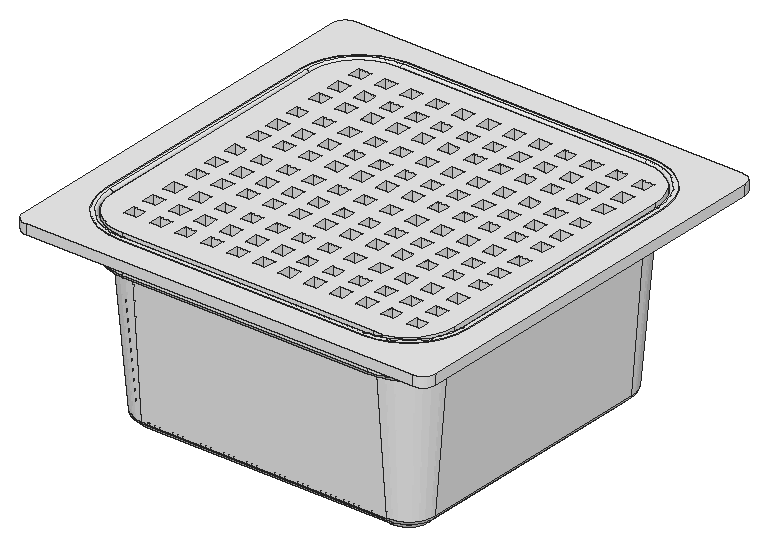
Revit family "Receptor_Sani-Flor_16_In_Square_7_In_Sump-Zurn-Z1920", category Plumbing Fixtures, Revit 2022 (continued)
Definition of nested family "Z1920-Grate"
  Dimensions and locks (in)
    plane 9 to plane 25 = 0.625"
    plane 21 to plane 6 = 0.625"
    plane 7 to plane 22 = 0.625"
    plane 26 to plane 8 = 0.625"
    equal spacing: plane 26, plane 3 "Center (Left/Right)", plane 25
    locked: plane 26 to plane 25 at 13.25
    "Sink Sump Depth": level to plane 15
    "Body Height (E)": level to plane 10
    locked: plane 32 "Plane for Outlets" to plane 10 at 2.064
    equal spacing: plane 59, plane 1 "Center (Front/Back)", plane 60
    "Outlet Inner Radius": plane 59 to plane 1 "Center (Front/Back)"
    equal spacing: plane 57, plane 3 "Center (Left/Right)", plane 58
    "Outlet Inner Radius": plane 3 "Center (Left/Right)" to plane 58
    plane 46 to plane 48 = 2.000"
    plane 21 to plane 1 "Center (Front/Back)" to plane 22 = 6.625" locked, 6.625" locked
    cut or joined group 1 (Extrusion 1, Extrusion 2, Extrusion 4, Extrusion 5, Extrusion 6, Extrusion 7, Extrusion 8, Extrusion 9, Extrusion 10, Extrusion 11, Extrusion 12, Extrusion 13, Extrusion 14, Extrusion 15, Extrusion 16, Extrusion 17, Extrusion 18, Extrusion 19, Extrusion 20, Extrusion 21, Extrusion 22, Extrusion 23, Extrusion 24, Extrusion 25, Extrusion 26, Extrusion 27, Extrusion 28, Extrusion 29, Extrusion 30, Extrusion 31, Extrusion 32, Extrusion 33, Extrusion 34, Extrusion 35, Extrusion 36, Extrusion 37, Extrusion 38, Extrusion 39, Extrusion 40, Extrusion 41, Extrusion 42, Extrusion 43, Extrusion 44, Extrusion 45, Extrusion 46, Extrusion 47, Extrusion 48, Extrusion 49, Extrusion 50) to cut or joined group 1 = 1.000"  (x2)
    Extrusion 2 sketch curve to plane 31 = 0.500"
    equal spacing: cut or joined group of Extrusion 1, Extrusion 2, Extrusion 4, Extrusion 5, Extrusion 6, Extrusion 7, Extrusion 8, Extrusion 9, Extrusion 10, Extrusion 11, Extrusion 12, Extrusion 13, Extrusion 14, Extrusion 15, Extrusion 16, Extrusion 17, Extrusion 18, Extrusion 19, Extrusion 20, Extrusion 21, Extrusion 22, Extrusion 23, Extrusion 24, Extrusion 25, Extrusion 26, Extrusion 27, Extrusion 28, Extrusion 29, Extrusion 30, Extrusion 31, Extrusion 32, Extrusion 33, Extrusion 34, Extrusion 35, Extrusion 36, Extrusion 37, Extrusion 38, Extrusion 39, Extrusion 40, Extrusion 41, Extrusion 42, Extrusion 43, Extrusion 44, Extrusion 45, Extrusion 46, Extrusion 47, Extrusion 48, Extrusion 49, Extrusion 50, Extrusion 2 sketch curve, Extrusion 2 sketch curve, Extrusion 2 sketch curve, Extrusion 2 sketch curve, Extrusion 2 sketch curve, Extrusion 2 sketch curve
    Extrusion 4 sketch curve to plane 65 = 0.500"
    equal spacing: Extrusion 4 sketch curve, Extrusion 4 sketch curve, Extrusion 4 sketch curve, Extrusion 4 sketch curve, Extrusion 4 sketch curve, Extrusion 4 sketch curve
    Extrusion 5 sketch curve to plane 70 = 0.500"
    equal spacing: Extrusion 5 sketch curve, Extrusion 5 sketch curve, Extrusion 5 sketch curve, Extrusion 5 sketch curve, Extrusion 5 sketch curve, Extrusion 5 sketch curve
    Extrusion 6 sketch curve to plane 75 = 0.500"
    equal spacing: Extrusion 6 sketch curve, Extrusion 6 sketch curve, Extrusion 6 sketch curve, Extrusion 6 sketch curve, Extrusion 6 sketch curve, Extrusion 6 sketch curve
    Extrusion 7 sketch curve to plane 80 = 0.500"
    equal spacing: Extrusion 7 sketch curve, Extrusion 7 sketch curve, Extrusion 7 sketch curve, Extrusion 7 sketch curve, Extrusion 7 sketch curve, Extrusion 7 sketch curve
    Extrusion 8 sketch curve to plane 85 = 0.500"
    equal spacing: Extrusion 8 sketch curve, Extrusion 8 sketch curve, Extrusion 8 sketch curve, Extrusion 8 sketch curve, Extrusion 8 sketch curve, Extrusion 8 sketch curve
    Extrusion 9 sketch curve to plane 90 = 0.500"
    equal spacing: Extrusion 9 sketch curve, Extrusion 9 sketch curve, Extrusion 9 sketch curve, Extrusion 9 sketch curve, Extrusion 9 sketch curve, Extrusion 9 sketch curve
    Extrusion 10 sketch curve to plane 95 = 0.500"
    equal spacing: Extrusion 10 sketch curve, Extrusion 10 sketch curve, Extrusion 10 sketch curve, Extrusion 10 sketch curve, Extrusion 10 sketch curve, Extrusion 10 sketch curve
    Extrusion 11 sketch curve to plane 100 = 0.500"
    equal spacing: Extrusion 11 sketch curve, Extrusion 11 sketch curve, Extrusion 11 sketch curve, Extrusion 11 sketch curve, Extrusion 11 sketch curve, Extrusion 11 sketch curve
    Extrusion 12 sketch curve to plane 105 = 0.500"
    equal spacing: Extrusion 12 sketch curve, Extrusion 12 sketch curve, Extrusion 12 sketch curve, Extrusion 12 sketch curve, Extrusion 12 sketch curve, Extrusion 12 sketch curve
    Extrusion 13 sketch curve to plane 110 = 0.500"
    equal spacing: Extrusion 13 sketch curve, Extrusion 13 sketch curve, Extrusion 13 sketch curve, Extrusion 13 sketch curve, Extrusion 13 sketch curve, Extrusion 13 sketch curve
    Extrusion 14 sketch curve to plane 115 = 0.500"
    equal spacing: Extrusion 14 sketch curve, Extrusion 14 sketch curve, Extrusion 14 sketch curve, Extrusion 14 sketch curve, Extrusion 14 sketch curve, Extrusion 14 sketch curve
    Extrusion 15 sketch curve to plane 120 = 0.500"
    equal spacing: Extrusion 15 sketch curve, Extrusion 15 sketch curve, Extrusion 15 sketch curve, Extrusion 15 sketch curve, Extrusion 15 sketch curve, Extrusion 15 sketch curve
    Extrusion 16 sketch curve to plane 125 = 0.500"
    equal spacing: Extrusion 16 sketch curve, Extrusion 16 sketch curve, Extrusion 16 sketch curve, Extrusion 16 sketch curve, Extrusion 16 sketch curve, Extrusion 16 sketch curve
    Extrusion 17 sketch curve to plane 130 = 0.500"
    equal spacing: Extrusion 17 sketch curve, Extrusion 17 sketch curve, Extrusion 17 sketch curve, Extrusion 17 sketch curve, Extrusion 17 sketch curve, Extrusion 17 sketch curve
    Extrusion 18 sketch curve to plane 135 = 0.500"
    equal spacing: Extrusion 18 sketch curve, Extrusion 18 sketch curve, Extrusion 18 sketch curve, Extrusion 18 sketch curve, Extrusion 18 sketch curve, Extrusion 18 sketch curve
    Extrusion 19 sketch curve to plane 140 = 0.500"
    equal spacing: Extrusion 19 sketch curve, Extrusion 19 sketch curve, Extrusion 19 sketch curve, Extrusion 19 sketch curve, Extrusion 19 sketch curve, Extrusion 19 sketch curve
    Extrusion 20 sketch curve to plane 145 = 0.500"
    equal spacing: Extrusion 20 sketch curve, Extrusion 20 sketch curve, Extrusion 20 sketch curve, Extrusion 20 sketch curve, Extrusion 20 sketch curve, Extrusion 20 sketch curve
    Extrusion 21 sketch curve to plane 150 = 0.500"
    equal spacing: Extrusion 21 sketch curve, Extrusion 21 sketch curve, Extrusion 21 sketch curve, Extrusion 21 sketch curve, Extrusion 21 sketch curve, Extrusion 21 sketch curve
    Extrusion 22 sketch curve to plane 155 = 0.500"
    equal spacing: Extrusion 22 sketch curve, Extrusion 22 sketch curve, Extrusion 22 sketch curve, Extrusion 22 sketch curve, Extrusion 22 sketch curve, Extrusion 22 sketch curve
    Extrusion 23 sketch curve to plane 160 = 0.500"
    equal spacing: Extrusion 23 sketch curve, Extrusion 23 sketch curve, Extrusion 23 sketch curve, Extrusion 23 sketch curve, Extrusion 23 sketch curve, Extrusion 23 sketch curve
    Extrusion 24 sketch curve to plane 165 = 0.500"
    equal spacing: Extrusion 24 sketch curve, Extrusion 24 sketch curve, Extrusion 24 sketch curve, Extrusion 24 sketch curve, Extrusion 24 sketch curve, Extrusion 24 sketch curve
    Extrusion 25 sketch curve to plane 170 = 0.500"
    equal spacing: Extrusion 25 sketch curve, Extrusion 25 sketch curve, Extrusion 25 sketch curve, Extrusion 25 sketch curve, Extrusion 25 sketch curve, Extrusion 25 sketch curve
    Extrusion 26 sketch curve to plane 175 = 0.500"
    equal spacing: Extrusion 26 sketch curve, Extrusion 26 sketch curve, Extrusion 26 sketch curve, Extrusion 26 sketch curve, Extrusion 26 sketch curve, Extrusion 26 sketch curve
    Extrusion 27 sketch curve to plane 180 = 0.500"
    equal spacing: Extrusion 27 sketch curve, Extrusion 27 sketch curve, Extrusion 27 sketch curve, Extrusion 27 sketch curve, Extrusion 27 sketch curve, Extrusion 27 sketch curve
    Extrusion 28 sketch curve to plane 185 = 0.500"
    equal spacing: Extrusion 28 sketch curve, Extrusion 28 sketch curve, Extrusion 28 sketch curve, Extrusion 28 sketch curve, Extrusion 28 sketch curve, Extrusion 28 sketch curve
    Extrusion 29 sketch curve to plane 190 = 0.500"
    equal spacing: Extrusion 29 sketch curve, Extrusion 29 sketch curve, Extrusion 29 sketch curve, Extrusion 29 sketch curve, Extrusion 29 sketch curve, Extrusion 29 sketch curve
    Extrusion 30 sketch curve to plane 195 = 0.500"
    equal spacing: Extrusion 30 sketch curve, Extrusion 30 sketch curve, Extrusion 30 sketch curve, Extrusion 30 sketch curve, Extrusion 30 sketch curve, Extrusion 30 sketch curve
    Extrusion 31 sketch curve to plane 200 = 0.500"
    equal spacing: Extrusion 31 sketch curve, Extrusion 31 sketch curve, Extrusion 31 sketch curve, Extrusion 31 sketch curve, Extrusion 31 sketch curve, Extrusion 31 sketch curve
    Extrusion 32 sketch curve to plane 205 = 0.500"
    equal spacing: Extrusion 32 sketch curve, Extrusion 32 sketch curve, Extrusion 32 sketch curve, Extrusion 32 sketch curve, Extrusion 32 sketch curve, Extrusion 32 sketch curve
    Extrusion 33 sketch curve to plane 210 = 0.500"
    equal spacing: Extrusion 33 sketch curve, Extrusion 33 sketch curve, Extrusion 33 sketch curve, Extrusion 33 sketch curve, Extrusion 33 sketch curve, Extrusion 33 sketch curve
    Extrusion 34 sketch curve to plane 215 = 0.500"
    equal spacing: Extrusion 34 sketch curve, Extrusion 34 sketch curve, Extrusion 34 sketch curve, Extrusion 34 sketch curve, Extrusion 34 sketch curve, Extrusion 34 sketch curve
    Extrusion 35 sketch curve to plane 220 = 0.500"
    equal spacing: Extrusion 35 sketch curve, Extrusion 35 sketch curve, Extrusion 35 sketch curve, Extrusion 35 sketch curve, Extrusion 35 sketch curve, Extrusion 35 sketch curve
    Extrusion 36 sketch curve to plane 225 = 0.500"
    equal spacing: Extrusion 36 sketch curve, Extrusion 36 sketch curve, Extrusion 36 sketch curve, Extrusion 36 sketch curve, Extrusion 36 sketch curve, Extrusion 36 sketch curve
    Extrusion 37 sketch curve to plane 230 = 0.500"
    equal spacing: Extrusion 37 sketch curve, Extrusion 37 sketch curve, Extrusion 37 sketch curve, Extrusion 37 sketch curve, Extrusion 37 sketch curve, Extrusion 37 sketch curve
    Extrusion 38 sketch curve to plane 235 = 0.500"
    equal spacing: Extrusion 38 sketch curve, Extrusion 38 sketch curve, Extrusion 38 sketch curve, Extrusion 38 sketch curve, Extrusion 38 sketch curve, Extrusion 38 sketch curve
    Extrusion 39 sketch curve to plane 240 = 0.500"
    equal spacing: Extrusion 39 sketch curve, Extrusion 39 sketch curve, Extrusion 39 sketch curve, Extrusion 39 sketch curve, Extrusion 39 sketch curve, Extrusion 39 sketch curve
    Extrusion 40 sketch curve to plane 245 = 0.500"
    equal spacing: Extrusion 40 sketch curve, Extrusion 40 sketch curve, Extrusion 40 sketch curve, Extrusion 40 sketch curve, Extrusion 40 sketch curve, Extrusion 40 sketch curve
    Extrusion 41 sketch curve to plane 250 = 0.500"
    equal spacing: Extrusion 41 sketch curve, Extrusion 41 sketch curve, Extrusion 41 sketch curve, Extrusion 41 sketch curve, Extrusion 41 sketch curve, Extrusion 41 sketch curve
    Extrusion 42 sketch curve to plane 255 = 0.500"
    equal spacing: Extrusion 42 sketch curve, Extrusion 42 sketch curve, Extrusion 42 sketch curve, Extrusion 42 sketch curve, Extrusion 42 sketch curve, Extrusion 42 sketch curve
    Extrusion 43 sketch curve to plane 260 = 0.500"
    equal spacing: Extrusion 43 sketch curve, Extrusion 43 sketch curve, Extrusion 43 sketch curve, Extrusion 43 sketch curve, Extrusion 43 sketch curve, Extrusion 43 sketch curve
    Extrusion 44 sketch curve to plane 265 = 0.500"
    equal spacing: Extrusion 44 sketch curve, Extrusion 44 sketch curve, Extrusion 44 sketch curve, Extrusion 44 sketch curve, Extrusion 44 sketch curve, Extrusion 44 sketch curve
    Extrusion 45 sketch curve to plane 270 = 0.500"
    equal spacing: Extrusion 45 sketch curve, Extrusion 45 sketch curve, Extrusion 45 sketch curve, Extrusion 45 sketch curve, Extrusion 45 sketch curve, Extrusion 45 sketch curve
    Extrusion 46 sketch curve to plane 275 = 0.500"
    equal spacing: Extrusion 46 sketch curve, Extrusion 46 sketch curve, Extrusion 46 sketch curve, Extrusion 46 sketch curve, Extrusion 46 sketch curve, Extrusion 46 sketch curve
    Extrusion 47 sketch curve to plane 280 = 0.500"
    equal spacing: Extrusion 47 sketch curve, Extrusion 47 sketch curve, Extrusion 47 sketch curve, Extrusion 47 sketch curve, Extrusion 47 sketch curve, Extrusion 47 sketch curve
    Extrusion 48 sketch curve to plane 285 = 0.500"
    equal spacing: Extrusion 48 sketch curve, Extrusion 48 sketch curve, Extrusion 48 sketch curve, Extrusion 48 sketch curve, Extrusion 48 sketch curve, Extrusion 48 sketch curve
    Extrusion 49 sketch curve to plane 290 = 0.500"
    equal spacing: Extrusion 49 sketch curve, Extrusion 49 sketch curve, Extrusion 49 sketch curve, Extrusion 49 sketch curve, Extrusion 49 sketch curve, Extrusion 49 sketch curve
    Extrusion 50 sketch curve to plane 295 = 0.500"
    equal spacing: Extrusion 50 sketch curve, Extrusion 50 sketch curve, Extrusion 50 sketch curve, Extrusion 50 sketch curve, Extrusion 50 sketch curve, Extrusion 50 sketch curve
    aligned and locked: plane 2 to level
    aligned and locked: level to curve 2
    aligned and locked: level to curve 1
    aligned and locked: plane 1 "Center (Front/Back)" to curve 5
    aligned and locked: level to curve 5
    aligned and locked: level to curve 4
    aligned and locked: Extrusion 1 sketch curve to plane 22
    aligned and locked: level to Extrusion 1
    aligned and locked: plane 31 to Extrusion 2 sketch curve  (x3)
    aligned and locked: plane 33 to Extrusion 3 sketch curve
    aligned and locked: plane 34 to Extrusion 3 sketch curve
    aligned and locked: plane 35 to Extrusion 3 sketch curve
    aligned and locked: plane 36 to Extrusion 3 sketch curve
    aligned and locked: plane 37 to Extrusion 3 sketch curve  (x3)
    aligned and locked: plane 10 to curve 6
    aligned and locked: Extrusion 1 sketch curve to plane 25
    aligned and locked: Extrusion 1 sketch curve to plane 26
    aligned and locked: plane 21 to Extrusion 1 sketch curve
    aligned and locked: Extrusion 2 sketch curve to Extrusion 2 sketch curve  (x2)
    aligned and locked: plane 65 to Extrusion 4 sketch curve  (x3)
    aligned and locked: Extrusion 4 sketch curve to Extrusion 4 sketch curve  (x2)
    aligned and locked: plane 70 to Extrusion 5 sketch curve  (x3)
    aligned and locked: Extrusion 5 sketch curve to Extrusion 5 sketch curve  (x2)
    aligned and locked: plane 75 to Extrusion 6 sketch curve  (x3)
    aligned and locked: Extrusion 6 sketch curve to Extrusion 6 sketch curve  (x2)
    aligned and locked: plane 80 to Extrusion 7 sketch curve  (x3)
    aligned and locked: Extrusion 7 sketch curve to Extrusion 7 sketch curve  (x2)
    aligned and locked: plane 85 to Extrusion 8 sketch curve  (x3)
    aligned and locked: Extrusion 8 sketch curve to Extrusion 8 sketch curve  (x2)
    aligned and locked: plane 90 to Extrusion 9 sketch curve  (x3)
    aligned and locked: Extrusion 9 sketch curve to Extrusion 9 sketch curve  (x2)
    aligned and locked: plane 95 to Extrusion 10 sketch curve  (x3)
    aligned and locked: Extrusion 10 sketch curve to Extrusion 10 sketch curve  (x2)
    aligned and locked: plane 100 to Extrusion 11 sketch curve  (x3)
    aligned and locked: Extrusion 11 sketch curve to Extrusion 11 sketch curve  (x2)
    aligned and locked: plane 105 to Extrusion 12 sketch curve  (x3)
    aligned and locked: Extrusion 12 sketch curve to Extrusion 12 sketch curve  (x2)
    aligned and locked: plane 110 to Extrusion 13 sketch curve  (x3)
    aligned and locked: Extrusion 13 sketch curve to Extrusion 13 sketch curve  (x2)
    aligned and locked: plane 115 to Extrusion 14 sketch curve  (x3)
    aligned and locked: Extrusion 14 sketch curve to Extrusion 14 sketch curve  (x2)
    aligned and locked: plane 120 to Extrusion 15 sketch curve  (x3)
    aligned and locked: Extrusion 15 sketch curve to Extrusion 15 sketch curve  (x2)
    aligned and locked: plane 125 to Extrusion 16 sketch curve  (x3)
    aligned and locked: Extrusion 16 sketch curve to Extrusion 16 sketch curve  (x2)
    aligned and locked: plane 130 to Extrusion 17 sketch curve  (x3)
    aligned and locked: Extrusion 17 sketch curve to Extrusion 17 sketch curve  (x2)
    aligned and locked: plane 135 to Extrusion 18 sketch curve  (x3)
    aligned and locked: Extrusion 18 sketch curve to Extrusion 18 sketch curve  (x2)
    aligned and locked: plane 140 to Extrusion 19 sketch curve  (x3)
    aligned and locked: Extrusion 19 sketch curve to Extrusion 19 sketch curve  (x2)
    aligned and locked: plane 145 to Extrusion 20 sketch curve  (x3)
    aligned and locked: Extrusion 20 sketch curve to Extrusion 20 sketch curve  (x2)
    aligned and locked: plane 150 to Extrusion 21 sketch curve  (x3)
    aligned and locked: Extrusion 21 sketch curve to Extrusion 21 sketch curve  (x2)
    aligned and locked: plane 155 to Extrusion 22 sketch curve  (x3)
    aligned and locked: Extrusion 22 sketch curve to Extrusion 22 sketch curve  (x2)
    aligned and locked: plane 160 to Extrusion 23 sketch curve  (x3)
    aligned and locked: Extrusion 23 sketch curve to Extrusion 23 sketch curve  (x2)
    aligned and locked: plane 165 to Extrusion 24 sketch curve  (x3)
    aligned and locked: Extrusion 24 sketch curve to Extrusion 24 sketch curve  (x2)
    aligned and locked: plane 170 to Extrusion 25 sketch curve  (x3)
    aligned and locked: Extrusion 25 sketch curve to Extrusion 25 sketch curve  (x2)
    aligned and locked: plane 175 to Extrusion 26 sketch curve  (x3)
    aligned and locked: Extrusion 26 sketch curve to Extrusion 26 sketch curve  (x2)
    aligned and locked: plane 180 to Extrusion 27 sketch curve  (x3)
    aligned and locked: Extrusion 27 sketch curve to Extrusion 27 sketch curve  (x2)
    aligned and locked: plane 185 to Extrusion 28 sketch curve  (x3)
    aligned and locked: Extrusion 28 sketch curve to Extrusion 28 sketch curve  (x2)
    aligned and locked: plane 190 to Extrusion 29 sketch curve  (x3)
    aligned and locked: Extrusion 29 sketch curve to Extrusion 29 sketch curve  (x2)
    aligned and locked: plane 195 to Extrusion 30 sketch curve  (x3)
    aligned and locked: Extrusion 30 sketch curve to Extrusion 30 sketch curve  (x2)
    aligned and locked: plane 200 to Extrusion 31 sketch curve  (x3)
    aligned and locked: Extrusion 31 sketch curve to Extrusion 31 sketch curve  (x2)
    aligned and locked: plane 205 to Extrusion 32 sketch curve  (x3)
    aligned and locked: Extrusion 32 sketch curve to Extrusion 32 sketch curve  (x2)
    aligned and locked: plane 210 to Extrusion 33 sketch curve  (x3)
    aligned and locked: Extrusion 33 sketch curve to Extrusion 33 sketch curve  (x2)
    aligned and locked: plane 215 to Extrusion 34 sketch curve  (x3)
    aligned and locked: Extrusion 34 sketch curve to Extrusion 34 sketch curve  (x2)
    aligned and locked: plane 220 to Extrusion 35 sketch curve  (x3)
    aligned and locked: Extrusion 35 sketch curve to Extrusion 35 sketch curve  (x2)
    aligned and locked: plane 225 to Extrusion 36 sketch curve  (x3)
    aligned and locked: Extrusion 36 sketch curve to Extrusion 36 sketch curve  (x2)
    aligned and locked: plane 230 to Extrusion 37 sketch curve  (x3)
    aligned and locked: Extrusion 37 sketch curve to Extrusion 37 sketch curve  (x2)
    aligned and locked: plane 235 to Extrusion 38 sketch curve  (x3)
    aligned and locked: Extrusion 38 sketch curve to Extrusion 38 sketch curve  (x2)
    aligned and locked: plane 240 to Extrusion 39 sketch curve  (x3)
    aligned and locked: Extrusion 39 sketch curve to Extrusion 39 sketch curve  (x2)
    aligned and locked: plane 245 to Extrusion 40 sketch curve  (x3)
    aligned and locked: Extrusion 40 sketch curve to Extrusion 40 sketch curve  (x2)
    aligned and locked: plane 250 to Extrusion 41 sketch curve  (x3)
    aligned and locked: Extrusion 41 sketch curve to Extrusion 41 sketch curve  (x2)
    aligned and locked: plane 255 to Extrusion 42 sketch curve  (x3)
    aligned and locked: Extrusion 42 sketch curve to Extrusion 42 sketch curve  (x2)
    aligned and locked: plane 260 to Extrusion 43 sketch curve  (x3)
    aligned and locked: Extrusion 43 sketch curve to Extrusion 43 sketch curve  (x2)
    aligned and locked: plane 265 to Extrusion 44 sketch curve  (x3)
    aligned and locked: Extrusion 44 sketch curve to Extrusion 44 sketch curve  (x2)
    aligned and locked: plane 270 to Extrusion 45 sketch curve  (x3)
    aligned and locked: Extrusion 45 sketch curve to Extrusion 45 sketch curve  (x2)
    aligned and locked: plane 275 to Extrusion 46 sketch curve  (x3)
    aligned and locked: Extrusion 46 sketch curve to Extrusion 46 sketch curve  (x2)
    aligned and locked: plane 280 to Extrusion 47 sketch curve  (x3)
    aligned and locked: Extrusion 47 sketch curve to Extrusion 47 sketch curve  (x2)
    aligned and locked: plane 285 to Extrusion 48 sketch curve  (x3)
    aligned and locked: Extrusion 48 sketch curve to Extrusion 48 sketch curve  (x2)
    aligned and locked: plane 290 to Extrusion 49 sketch curve  (x3)
    aligned and locked: Extrusion 49 sketch curve to Extrusion 49 sketch curve  (x2)
    aligned and locked: plane 295 to Extrusion 50 sketch curve  (x3)
    aligned and locked: Extrusion 50 sketch curve to Extrusion 50 sketch curve  (x2)
  Automatic sketch dimensions
    Extrusion 3 sketch curve to Extrusion 3 sketch curve = 0.500"  (x2)
    plane 37 to Extrusion 3 sketch curve = 0.500"  (x2)
    Extrusion 3 sketch curve to Extrusion 3 sketch curve = 0.000"
    curve 1 to plane 8 = 0.000"
    curve 3 to plane 10 = 0.000"
    curve 3 to plane 58 = 0.000"
    curve 3 to plane 57 = 0.000"
    curve 1 to plane 9 = 0.000"
    curve 2 to plane 3 "Center (Left/Right)" = 0.000"
    curve 4 to plane 7 = 0.000"
    curve 6 to plane 60 = 0.000"
    curve 6 to plane 59 = 0.000"
    curve 4 to plane 6 = 0.000"
    Extrusion 1 sketch curve to Extrusion 1 sketch curve = 1.750"
    Extrusion 1 sketch curve to plane 44 = 1.90625"
    plane 47 to Extrusion 1 sketch curve = 1.82866"
    Extrusion 1 sketch curve to plane 3 "Center (Left/Right)" = 4.875"
    Extrusion 2 sketch curve to Extrusion 2 sketch curve = 0.500"  (x2)
    Extrusion 2 sketch curve to Extrusion 2 sketch curve = 0.42134"
    Extrusion 2 sketch curve to plane 30 = 0.000"
    plane 29 to Extrusion 2 sketch curve = 0.000"
    Extrusion 2 sketch curve to plane 28 = 0.000"
    Extrusion 4 sketch curve to Extrusion 4 sketch curve = 0.500"  (x2)
    Extrusion 4 sketch curve to Extrusion 4 sketch curve = 0.42134"
    Extrusion 4 sketch curve to plane 64 = 0.000"
    plane 63 to Extrusion 4 sketch curve = 0.000"
    Extrusion 4 sketch curve to plane 62 = 0.000"
    Extrusion 5 sketch curve to Extrusion 5 sketch curve = 0.500"  (x2)
    Extrusion 5 sketch curve to Extrusion 5 sketch curve = 0.42134"
    Extrusion 5 sketch curve to plane 69 = 0.000"
    plane 68 to Extrusion 5 sketch curve = 0.000"
    Extrusion 5 sketch curve to plane 67 = 0.000"
    Extrusion 6 sketch curve to Extrusion 6 sketch curve = 0.500"  (x2)
    Extrusion 6 sketch curve to Extrusion 6 sketch curve = 0.42134"
    Extrusion 6 sketch curve to plane 74 = 0.000"
    plane 73 to Extrusion 6 sketch curve = 0.000"
    Extrusion 6 sketch curve to plane 72 = 0.000"
    plane 31 to Extrusion 2 sketch curve = 0.500"
    plane 65 to Extrusion 4 sketch curve = 0.500"
    plane 70 to Extrusion 5 sketch curve = 0.500"
    plane 75 to Extrusion 6 sketch curve = 0.500"
    Extrusion 7 sketch curve to Extrusion 7 sketch curve = 0.500"  (x2)
    Extrusion 7 sketch curve to Extrusion 7 sketch curve = 0.42134"
    Extrusion 7 sketch curve to plane 79 = 0.000"
    plane 78 to Extrusion 7 sketch curve = 0.000"
    Extrusion 7 sketch curve to plane 77 = 0.000"
    Extrusion 8 sketch curve to Extrusion 8 sketch curve = 0.500"  (x2)
    Extrusion 8 sketch curve to Extrusion 8 sketch curve = 0.42134"
    Extrusion 8 sketch curve to plane 84 = 0.000"
    plane 83 to Extrusion 8 sketch curve = 0.000"
    Extrusion 8 sketch curve to plane 82 = 0.000"
    Extrusion 9 sketch curve to Extrusion 9 sketch curve = 0.500"  (x2)
    Extrusion 9 sketch curve to Extrusion 9 sketch curve = 0.42134"
    Extrusion 9 sketch curve to plane 89 = 0.000"
    plane 88 to Extrusion 9 sketch curve = 0.000"
    Extrusion 9 sketch curve to plane 87 = 0.000"
    Extrusion 10 sketch curve to Extrusion 10 sketch curve = 0.500"  (x2)
    Extrusion 10 sketch curve to Extrusion 10 sketch curve = 0.42134"
    Extrusion 10 sketch curve to plane 94 = 0.000"
    plane 93 to Extrusion 10 sketch curve = 0.000"
    Extrusion 10 sketch curve to plane 92 = 0.000"
    plane 80 to Extrusion 7 sketch curve = 0.500"
    plane 85 to Extrusion 8 sketch curve = 0.500"
    plane 90 to Extrusion 9 sketch curve = 0.500"
    plane 95 to Extrusion 10 sketch curve = 0.500"
    Extrusion 11 sketch curve to Extrusion 11 sketch curve = 0.500"  (x2)
    Extrusion 11 sketch curve to Extrusion 11 sketch curve = 0.42134"
    Extrusion 11 sketch curve to plane 99 = 0.000"
    plane 98 to Extrusion 11 sketch curve = 0.000"
    Extrusion 11 sketch curve to plane 97 = 0.000"
    Extrusion 12 sketch curve to Extrusion 12 sketch curve = 0.500"  (x2)
    Extrusion 12 sketch curve to Extrusion 12 sketch curve = 0.42134"
    Extrusion 12 sketch curve to plane 104 = 0.000"
    plane 103 to Extrusion 12 sketch curve = 0.000"
    Extrusion 12 sketch curve to plane 102 = 0.000"
    Extrusion 13 sketch curve to Extrusion 13 sketch curve = 0.500"  (x2)
    Extrusion 13 sketch curve to Extrusion 13 sketch curve = 0.42134"
    Extrusion 13 sketch curve to plane 109 = 0.000"
    plane 108 to Extrusion 13 sketch curve = 0.000"
    Extrusion 13 sketch curve to plane 107 = 0.000"
    Extrusion 14 sketch curve to Extrusion 14 sketch curve = 0.500"  (x2)
    Extrusion 14 sketch curve to Extrusion 14 sketch curve = 0.42134"
    Extrusion 14 sketch curve to plane 114 = 0.000"
    plane 113 to Extrusion 14 sketch curve = 0.000"
    Extrusion 14 sketch curve to plane 112 = 0.000"
    plane 100 to Extrusion 11 sketch curve = 0.500"
    plane 105 to Extrusion 12 sketch curve = 0.500"
    plane 110 to Extrusion 13 sketch curve = 0.500"
    plane 115 to Extrusion 14 sketch curve = 0.500"
    Extrusion 15 sketch curve to Extrusion 15 sketch curve = 0.500"  (x2)
    Extrusion 15 sketch curve to Extrusion 15 sketch curve = 0.42134"
    Extrusion 15 sketch curve to plane 119 = 0.000"
    plane 118 to Extrusion 15 sketch curve = 0.000"
    Extrusion 15 sketch curve to plane 117 = 0.000"
    Extrusion 16 sketch curve to Extrusion 16 sketch curve = 0.500"  (x2)
    Extrusion 16 sketch curve to Extrusion 16 sketch curve = 0.42134"
    Extrusion 16 sketch curve to plane 124 = 0.000"
    plane 123 to Extrusion 16 sketch curve = 0.000"
    Extrusion 16 sketch curve to plane 122 = 0.000"
    Extrusion 17 sketch curve to Extrusion 17 sketch curve = 0.500"  (x2)
    Extrusion 17 sketch curve to Extrusion 17 sketch curve = 0.42134"
    Extrusion 17 sketch curve to plane 129 = 0.000"
    plane 128 to Extrusion 17 sketch curve = 0.000"
    Extrusion 17 sketch curve to plane 127 = 0.000"
    Extrusion 18 sketch curve to Extrusion 18 sketch curve = 0.500"  (x2)
    Extrusion 18 sketch curve to Extrusion 18 sketch curve = 0.42134"
    Extrusion 18 sketch curve to plane 134 = 0.000"
    plane 133 to Extrusion 18 sketch curve = 0.000"
    Extrusion 18 sketch curve to plane 132 = 0.000"
    plane 120 to Extrusion 15 sketch curve = 0.500"
    plane 125 to Extrusion 16 sketch curve = 0.500"
    plane 130 to Extrusion 17 sketch curve = 0.500"
    plane 135 to Extrusion 18 sketch curve = 0.500"
    Extrusion 19 sketch curve to Extrusion 19 sketch curve = 0.500"  (x2)
    Extrusion 19 sketch curve to Extrusion 19 sketch curve = 0.42134"
    Extrusion 19 sketch curve to plane 139 = 0.000"
    plane 138 to Extrusion 19 sketch curve = 0.000"
    Extrusion 19 sketch curve to plane 137 = 0.000"
    Extrusion 20 sketch curve to Extrusion 20 sketch curve = 0.500"  (x2)
    Extrusion 20 sketch curve to Extrusion 20 sketch curve = 0.42134"
    Extrusion 20 sketch curve to plane 144 = 0.000"
    plane 143 to Extrusion 20 sketch curve = 0.000"
    Extrusion 20 sketch curve to plane 142 = 0.000"
    Extrusion 21 sketch curve to Extrusion 21 sketch curve = 0.500"  (x2)
    Extrusion 21 sketch curve to Extrusion 21 sketch curve = 0.42134"
    Extrusion 21 sketch curve to plane 149 = 0.000"
    plane 148 to Extrusion 21 sketch curve = 0.000"
    Extrusion 21 sketch curve to plane 147 = 0.000"
    Extrusion 22 sketch curve to Extrusion 22 sketch curve = 0.500"  (x2)
    Extrusion 22 sketch curve to Extrusion 22 sketch curve = 0.42134"
    Extrusion 22 sketch curve to plane 154 = 0.000"
    plane 153 to Extrusion 22 sketch curve = 0.000"
    Extrusion 22 sketch curve to plane 152 = 0.000"
    plane 140 to Extrusion 19 sketch curve = 0.500"
    plane 145 to Extrusion 20 sketch curve = 0.500"
    plane 150 to Extrusion 21 sketch curve = 0.500"
    plane 155 to Extrusion 22 sketch curve = 0.500"
    Extrusion 23 sketch curve to Extrusion 23 sketch curve = 0.500"  (x2)
    Extrusion 23 sketch curve to Extrusion 23 sketch curve = 0.42134"
    Extrusion 23 sketch curve to plane 159 = 0.000"
    plane 158 to Extrusion 23 sketch curve = 0.000"
    Extrusion 23 sketch curve to plane 157 = 0.000"
    Extrusion 24 sketch curve to Extrusion 24 sketch curve = 0.500"  (x2)
    Extrusion 24 sketch curve to Extrusion 24 sketch curve = 0.42134"
    Extrusion 24 sketch curve to plane 164 = 0.000"
    plane 163 to Extrusion 24 sketch curve = 0.000"
    Extrusion 24 sketch curve to plane 162 = 0.000"
    Extrusion 25 sketch curve to Extrusion 25 sketch curve = 0.500"  (x2)
    Extrusion 25 sketch curve to Extrusion 25 sketch curve = 0.42134"
    Extrusion 25 sketch curve to plane 169 = 0.000"
    plane 168 to Extrusion 25 sketch curve = 0.000"
    Extrusion 25 sketch curve to plane 167 = 0.000"
    Extrusion 26 sketch curve to Extrusion 26 sketch curve = 0.500"  (x2)
    Extrusion 26 sketch curve to Extrusion 26 sketch curve = 0.42134"
    Extrusion 26 sketch curve to plane 174 = 0.000"
    plane 173 to Extrusion 26 sketch curve = 0.000"
    Extrusion 26 sketch curve to plane 172 = 0.000"
    plane 160 to Extrusion 23 sketch curve = 0.500"
    plane 165 to Extrusion 24 sketch curve = 0.500"
    plane 170 to Extrusion 25 sketch curve = 0.500"
    plane 175 to Extrusion 26 sketch curve = 0.500"
    Extrusion 27 sketch curve to Extrusion 27 sketch curve = 0.500"  (x2)
    Extrusion 27 sketch curve to Extrusion 27 sketch curve = 0.42134"
    Extrusion 27 sketch curve to plane 179 = 0.000"
    plane 178 to Extrusion 27 sketch curve = 0.000"
    Extrusion 27 sketch curve to plane 177 = 0.000"
    Extrusion 28 sketch curve to Extrusion 28 sketch curve = 0.500"  (x2)
    Extrusion 28 sketch curve to Extrusion 28 sketch curve = 0.42134"
    Extrusion 28 sketch curve to plane 184 = 0.000"
    plane 183 to Extrusion 28 sketch curve = 0.000"
    Extrusion 28 sketch curve to plane 182 = 0.000"
    Extrusion 29 sketch curve to Extrusion 29 sketch curve = 0.500"  (x2)
    Extrusion 29 sketch curve to Extrusion 29 sketch curve = 0.42134"
    Extrusion 29 sketch curve to plane 189 = 0.000"
    plane 188 to Extrusion 29 sketch curve = 0.000"
    Extrusion 29 sketch curve to plane 187 = 0.000"
    Extrusion 30 sketch curve to Extrusion 30 sketch curve = 0.500"  (x2)
    Extrusion 30 sketch curve to Extrusion 30 sketch curve = 0.42134"
    Extrusion 30 sketch curve to plane 194 = 0.000"
    plane 193 to Extrusion 30 sketch curve = 0.000"
    Extrusion 30 sketch curve to plane 192 = 0.000"
    plane 180 to Extrusion 27 sketch curve = 0.500"
    plane 185 to Extrusion 28 sketch curve = 0.500"
    plane 190 to Extrusion 29 sketch curve = 0.500"
    plane 195 to Extrusion 30 sketch curve = 0.500"
    Extrusion 31 sketch curve to Extrusion 31 sketch curve = 0.500"  (x2)
    Extrusion 31 sketch curve to Extrusion 31 sketch curve = 0.42134"
    Extrusion 31 sketch curve to plane 199 = 0.000"
    plane 198 to Extrusion 31 sketch curve = 0.000"
    Extrusion 31 sketch curve to plane 197 = 0.000"
    Extrusion 32 sketch curve to Extrusion 32 sketch curve = 0.500"  (x2)
    Extrusion 32 sketch curve to Extrusion 32 sketch curve = 0.42134"
    Extrusion 32 sketch curve to plane 204 = 0.000"
    plane 203 to Extrusion 32 sketch curve = 0.000"
    Extrusion 32 sketch curve to plane 202 = 0.000"
    Extrusion 33 sketch curve to Extrusion 33 sketch curve = 0.500"  (x2)
    Extrusion 33 sketch curve to Extrusion 33 sketch curve = 0.42134"
    Extrusion 33 sketch curve to plane 209 = 0.000"
    plane 208 to Extrusion 33 sketch curve = 0.000"
    Extrusion 33 sketch curve to plane 207 = 0.000"
    Extrusion 34 sketch curve to Extrusion 34 sketch curve = 0.500"  (x2)
    Extrusion 34 sketch curve to Extrusion 34 sketch curve = 0.42134"
    Extrusion 34 sketch curve to plane 214 = 0.000"
    plane 213 to Extrusion 34 sketch curve = 0.000"
    Extrusion 34 sketch curve to plane 212 = 0.000"
    plane 200 to Extrusion 31 sketch curve = 0.500"
    plane 205 to Extrusion 32 sketch curve = 0.500"
    plane 210 to Extrusion 33 sketch curve = 0.500"
    plane 215 to Extrusion 34 sketch curve = 0.500"
    Extrusion 35 sketch curve to Extrusion 35 sketch curve = 0.500"  (x2)
    Extrusion 35 sketch curve to Extrusion 35 sketch curve = 0.42134"
    Extrusion 35 sketch curve to plane 219 = 0.000"
    plane 218 to Extrusion 35 sketch curve = 0.000"
    Extrusion 35 sketch curve to plane 217 = 0.000"
    Extrusion 36 sketch curve to Extrusion 36 sketch curve = 0.500"  (x2)
    Extrusion 36 sketch curve to Extrusion 36 sketch curve = 0.42134"
    Extrusion 36 sketch curve to plane 224 = 0.000"
    plane 223 to Extrusion 36 sketch curve = 0.000"
    Extrusion 36 sketch curve to plane 222 = 0.000"
    Extrusion 37 sketch curve to Extrusion 37 sketch curve = 0.500"  (x2)
    Extrusion 37 sketch curve to Extrusion 37 sketch curve = 0.42134"
    Extrusion 37 sketch curve to plane 229 = 0.000"
    plane 228 to Extrusion 37 sketch curve = 0.000"
    Extrusion 37 sketch curve to plane 227 = 0.000"
    Extrusion 38 sketch curve to Extrusion 38 sketch curve = 0.500"  (x2)
    Extrusion 38 sketch curve to Extrusion 38 sketch curve = 0.42134"
    Extrusion 38 sketch curve to plane 234 = 0.000"
    plane 233 to Extrusion 38 sketch curve = 0.000"
    Extrusion 38 sketch curve to plane 232 = 0.000"
    plane 220 to Extrusion 35 sketch curve = 0.500"
    plane 225 to Extrusion 36 sketch curve = 0.500"
    plane 230 to Extrusion 37 sketch curve = 0.500"
    plane 235 to Extrusion 38 sketch curve = 0.500"
    Extrusion 39 sketch curve to Extrusion 39 sketch curve = 0.500"  (x2)
    Extrusion 39 sketch curve to Extrusion 39 sketch curve = 0.42134"
    Extrusion 39 sketch curve to plane 239 = 0.000"
    plane 238 to Extrusion 39 sketch curve = 0.000"
    Extrusion 39 sketch curve to plane 237 = 0.000"
    Extrusion 40 sketch curve to Extrusion 40 sketch curve = 0.500"  (x2)
    Extrusion 40 sketch curve to Extrusion 40 sketch curve = 0.42134"
    Extrusion 40 sketch curve to plane 244 = 0.000"
    plane 243 to Extrusion 40 sketch curve = 0.000"
    Extrusion 40 sketch curve to plane 242 = 0.000"
    Extrusion 41 sketch curve to Extrusion 41 sketch curve = 0.500"  (x2)
    Extrusion 41 sketch curve to Extrusion 41 sketch curve = 0.42134"
    Extrusion 41 sketch curve to plane 249 = 0.000"
    plane 248 to Extrusion 41 sketch curve = 0.000"
    Extrusion 41 sketch curve to plane 247 = 0.000"
    Extrusion 42 sketch curve to Extrusion 42 sketch curve = 0.500"  (x2)
    Extrusion 42 sketch curve to Extrusion 42 sketch curve = 0.42134"
    Extrusion 42 sketch curve to plane 254 = 0.000"
    plane 253 to Extrusion 42 sketch curve = 0.000"
    Extrusion 42 sketch curve to plane 252 = 0.000"
    plane 240 to Extrusion 39 sketch curve = 0.500"
    plane 245 to Extrusion 40 sketch curve = 0.500"
    plane 250 to Extrusion 41 sketch curve = 0.500"
    plane 255 to Extrusion 42 sketch curve = 0.500"
    Extrusion 43 sketch curve to Extrusion 43 sketch curve = 0.500"  (x2)
    Extrusion 43 sketch curve to Extrusion 43 sketch curve = 0.42134"
    Extrusion 43 sketch curve to plane 259 = 0.000"
    plane 258 to Extrusion 43 sketch curve = 0.000"
    Extrusion 43 sketch curve to plane 257 = 0.000"
    Extrusion 44 sketch curve to Extrusion 44 sketch curve = 0.500"  (x2)
    Extrusion 44 sketch curve to Extrusion 44 sketch curve = 0.42134"
    Extrusion 44 sketch curve to plane 264 = 0.000"
    plane 263 to Extrusion 44 sketch curve = 0.000"
    Extrusion 44 sketch curve to plane 262 = 0.000"
    Extrusion 45 sketch curve to Extrusion 45 sketch curve = 0.500"  (x2)
    Extrusion 45 sketch curve to Extrusion 45 sketch curve = 0.42134"
    Extrusion 45 sketch curve to plane 269 = 0.000"
    plane 268 to Extrusion 45 sketch curve = 0.000"
    Extrusion 45 sketch curve to plane 267 = 0.000"
    Extrusion 46 sketch curve to Extrusion 46 sketch curve = 0.500"  (x2)
    Extrusion 46 sketch curve to Extrusion 46 sketch curve = 0.42134"
    Extrusion 46 sketch curve to plane 274 = 0.000"
    plane 273 to Extrusion 46 sketch curve = 0.000"
    Extrusion 46 sketch curve to plane 272 = 0.000"
    plane 260 to Extrusion 43 sketch curve = 0.500"
    plane 265 to Extrusion 44 sketch curve = 0.500"
    plane 270 to Extrusion 45 sketch curve = 0.500"
    plane 275 to Extrusion 46 sketch curve = 0.500"
    Extrusion 47 sketch curve to Extrusion 47 sketch curve = 0.500"  (x2)
    Extrusion 47 sketch curve to Extrusion 47 sketch curve = 0.42134"
    Extrusion 47 sketch curve to plane 279 = 0.000"
    plane 278 to Extrusion 47 sketch curve = 0.000"
    Extrusion 47 sketch curve to plane 277 = 0.000"
    Extrusion 48 sketch curve to Extrusion 48 sketch curve = 0.500"  (x2)
    Extrusion 48 sketch curve to Extrusion 48 sketch curve = 0.42134"
    Extrusion 48 sketch curve to plane 284 = 0.000"
    plane 283 to Extrusion 48 sketch curve = 0.000"
    Extrusion 48 sketch curve to plane 282 = 0.000"
    Extrusion 49 sketch curve to Extrusion 49 sketch curve = 0.500"  (x2)
    Extrusion 49 sketch curve to Extrusion 49 sketch curve = 0.42134"
    Extrusion 49 sketch curve to plane 289 = 0.000"
    plane 288 to Extrusion 49 sketch curve = 0.000"
    Extrusion 49 sketch curve to plane 287 = 0.000"
    Extrusion 50 sketch curve to Extrusion 50 sketch curve = 0.500"  (x2)
    Extrusion 50 sketch curve to Extrusion 50 sketch curve = 0.42134"
    Extrusion 50 sketch curve to plane 294 = 0.000"
    plane 293 to Extrusion 50 sketch curve = 0.000"
    Extrusion 50 sketch curve to plane 292 = 0.000"
    plane 280 to Extrusion 47 sketch curve = 0.500"
    plane 285 to Extrusion 48 sketch curve = 0.500"
    plane 290 to Extrusion 49 sketch curve = 0.500"
    plane 295 to Extrusion 50 sketch curve = 0.500"
Types in the file's own list only (16): name | ZN-Top Height | ZN Top | Type Comments | Top size | Thickness | Grate Material | E_ Body Length_Derived | Connector Radius | Model | A_ Pipe Size (Nominal) | A_ Pipe Size (Actual-Outer) | A_ Pipe Size (Actual-Inner) | E_ Body Length | Default Elevation | Approx. Weight (Lbs)
  Z1920-2IC | 0.000 " | No | "Z1920 Sani-Flor Receptor 2 Inch Inside Caulk Outlet" | 16.000 " | 0.250 " | Iron - Zurn - Cast - Painted - White A.R.E Coated | 9.750 " | 1.000 " | "Z1920-2IC" | 2.000 " | 2.375 " | 2.067 " | 9.750 " | 4.000 " | 81.000 "
  Z1920-3IC | 0.000 " | No | "Z1920 Sani-Flor Receptor 3 Inch Inside Caulk Outlet" | 16.000 " | 0.250 " | Iron - Zurn - Cast - Painted - White A.R.E Coated | 9.750 " | 1.500 " | "Z1920-3IC" | 3.000 " | 3.500 " | 3.068 " | 9.750 " | 4.000 " | 81.000 "
  Z1920-4IC | 0.000 " | No | "Z1920 Sani-Flor Receptor 4 Inch Inside Caulk Outlet" | 16.000 " | 0.250 " | Iron - Zurn - Cast - Painted - White A.R.E Coated | 9.750 " | 2.000 " | "Z1920-4IC" | 4.000 " | 4.500 " | 4.026 " | 9.750 " | 4.000 " | 81.000 "
  Z1920-6IC | 0.000 " | No | "Z1920 Sani-Flor Receptor 6 Inch Inside Caulk Outlet" | 16.000 " | 0.250 " | Iron - Zurn - Cast - Painted - White A.R.E Coated | 9.750 " | 3.000 " | "Z1920-6IC" | 6.000 " | 6.625 " | 6.065 " | 9.750 " | 4.000 " | 81.000 "
  Z1920-8IC | 0.000 " | No | "Z1920 Sani-Flor Receptor 8 Inch Inside Caulk Outlet" | 16.000 " | 0.250 " | Iron - Zurn - Cast - Painted - White A.R.E Coated | 10.250 " | 4.000 " | "Z1920-8IC" | 8.000 " | 8.625 " | 7.981 " | 10.250 " | 4.000 " | 81.000 "
  Z1920-2NL | 0.000 " | No | "Z1920 Sani-Flor Receptor 2 Inch Neo-Loc Outlet" | 16.000 " | 0.250 " | Iron - Zurn - Cast - Painted - White A.R.E Coated | 9.000 " | 1.000 " | "Z1920-2NL" | 2.000 " | 2.375 " | 2.067 " | 9.000 " | 4.000 " | 81.000 "
  Z1920-3NL | 0.000 " | No | "Z1920 Sani-Flor Receptor 3 Inch Neo-Loc Outlet" | 16.000 " | 0.250 " | Iron - Zurn - Cast - Painted - White A.R.E Coated | 9.000 " | 1.500 " | "Z1920-3NL" | 3.000 " | 3.500 " | 3.068 " | 9.000 " | 4.000 " | 81.000 "
  Z1920-4NL | 0.000 " | No | "Z1920 Sani-Flor Receptor 4 Inch Neo-Loc Outlet" | 16.000 " | 0.250 " | Iron - Zurn - Cast - Painted - White A.R.E Coated | 9.000 " | 2.000 " | "Z1920-4NL" | 4.000 " | 4.500 " | 4.026 " | 9.000 " | 4.000 " | 81.000 "
  ZN1920-2IC | 0.188 " | Yes | "ZN1920 Sani-Flor Receptor 2 Inch Inside Caulk Outlet" | 16.750 " | 0.250 " | Bronze - Zurn - Polished Nickel | 9.750 " | 1.000 " | "ZN1920-2IC" | 2.000 " | 2.375 " | 2.067 " | 9.938 " | 4.000 " | 81.000 "
  ZN1920-3IC | 0.188 " | Yes | "ZN1920 Sani-Flor Receptor 3 Inch Inside Caulk Outlet" | 16.750 " | 0.250 " | Bronze - Zurn - Polished Nickel | 9.750 " | 1.500 " | "ZN1920-3IC" | 3.000 " | 3.500 " | 3.068 " | 9.938 " | 4.000 " | 81.000 "
  ZN1920-4IC | 0.188 " | Yes | "ZN1920 Sani-Flor Receptor 4 Inch Inside Caulk Outlet" | 16.750 " | 0.250 " | Bronze - Zurn - Polished Nickel | 9.750 " | 2.000 " | "ZN1920-4IC" | 4.000 " | 4.500 " | 4.026 " | 9.938 " | 4.000 " | 81.000 "
  ZN1920-6IC | 0.188 " | Yes | "ZN1920 Sani-Flor Receptor 6 Inch Inside Caulk Outlet" | 16.750 " | 0.250 " | Bronze - Zurn - Polished Nickel | 9.750 " | 3.000 " | "ZN1920-6IC" | 6.000 " | 6.625 " | 6.065 " | 9.938 " | 4.000 " | 81.000 "
  ZN1920-8IC | 0.188 " | Yes | "ZN1920 Sani-Flor Receptor 8 Inch Inside Caulk Outlet" | 16.750 " | 0.250 " | Bronze - Zurn - Polished Nickel | 10.250 " | 4.000 " | "ZN1920-8IC" | 8.000 " | 8.625 " | 7.981 " | 10.438 " | 4.000 " | 81.000 "
  ZN1920-2NL | 0.188 " | Yes | "ZN1920 Sani-Flor Receptor 2 Inch Neo-Loc Outlet" | 16.750 " | 0.250 " | Bronze - Zurn - Polished Nickel | 9.000 " | 1.000 " | "ZN1920-2NL" | 2.000 " | 2.375 " | 2.067 " | 9.188 " | 4.000 " | 81.000 "
  ZN1920-3NL | 0.188 " | Yes | "ZN1920 Sani-Flor Receptor 3 Inch Neo-Loc Outlet" | 16.750 " | 0.250 " | Bronze - Zurn - Polished Nickel | 9.000 " | 1.500 " | "ZN1920-3NL" | 3.000 " | 3.500 " | 3.068 " | 9.188 " | 4.000 " | 81.000 "
  ZN1920-4NL | 0.188 " | Yes | "ZN1920 Sani-Flor Receptor 4 Inch Neo-Loc Outlet" | 16.750 " | 0.250 " | Bronze - Zurn - Polished Nickel | 9.000 " | 2.000 " | "ZN1920-4NL" | 4.000 " | 4.500 " | 4.026 " | 9.188 " | 4.000 " | 81.000 "
